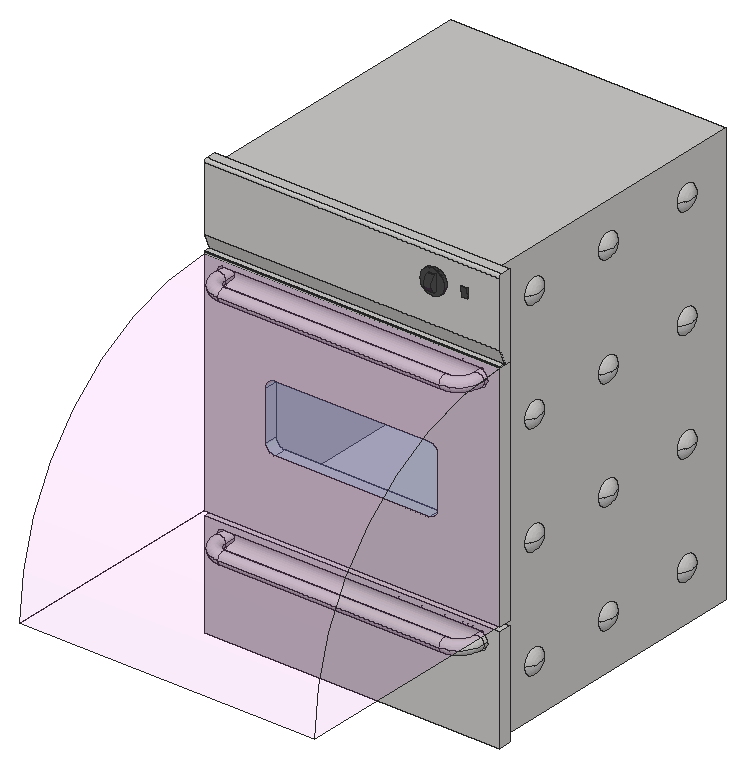
Revit family "QF_Summit_TEM788BKW_Oven", category Specialty Equipment, Revit 2020
Family settings
  Round Connector Dimension = Use Diameter
  Part Type = Normal
  Work Plane-Based = No
  Always vertical = Yes
  Cut with Voids When Loaded = No
  Shared = No
  Room Calculation Point = No
Parameters
  Weight in Pounds = 170
  Watts = if(Phase = 3, Volts * FL Amps * 1.73, Volts * FL Amps)  # 8800 W
  Volts = 220 V
  URL Cutsheet = ""
  Specification by User = ""
  Specification by Manufacturer = ""
  Show Clearance [instance] = yes
  Serial Number = ""
  Seismic Rating = ""
  SMACNA No = ""
  Revision Code = ""
  Phase = 1
  Number of Poles = 1
  NAFEM Spec ID Number = ""
  Model = "TEM788BKW"
  Min Ckt Ampacity = 0 A
  Max Overcurrent Protection = 0 A
  Masterspec = ""
  Manufacturer = "Summit"
  Length = 24"
  Item Number = ""
  Installed By = ""
  Identify Quantity as Lot = yes
  Height = 34 1/2"
  HP = ""
  Furnished By = ""
  Foodservice Equipment Identifier = yes
  FL Amps = 40 A
  Electrical Remarks = ""
  Electric Connection Type = ""
  Elec Conn RI Height = 0"
  Elec Conn Connection Height = 0"
  Description = "Oven"
  Depth = 24"
  Default Elevation = 0"
  Cycle = 60 Hz
  Conn Plug = ""
  Conn Conduit = yes
  CSI MasterFormat = ""
  Apparent Power = if(Phase = 3, Volts * FL Amps * 1.73, Volts * FL Amps)  # 8800 VA
Reference planes (in)
  plane 1 "BACK": y = 0
  plane 2: z = 0
  plane 3 "LEFT": x = 0
  plane 4 "RIGHT": x = 24
  plane 5 "FRONT": y = -24
  plane 6 "TOP": z = 34.875
  plane 7 "Center Y": x = 12
  plane 8 "Center X": y = -12
  plane 9: y = -23
  plane 10: y = -26.375
  plane 11: z = 27.75
  plane 12: z = 8.5
  plane 13: z = 8.875
  plane 14: y = -42.75
  plane 15: z = 34.5
Forms (in)
  Extrusion 1, solid, material "QF_Metal_Stainless_Polished"
    sketch origin (0, 0, 0) x (1, 0, 0) y (0, 1, 0)
      loop
        line (0.8125, 0) -> (0.8125, -23) -> (23.1875, -23) -> (23.1875, 0) -> (0.8125, 0)
    from 0 to 34.375
  Extrusion 2, solid, material "QF_Metal_Stainless_Polished"
    sketch origin (0, -24, 0.125) x (1, 0, 0) y (0, 0, 1)
      loop
        line (0, 8.375) -> (0, -0.125) -> (24, -0.125) -> (24, 8.375) -> (0, 8.375)
      loop
        line (0, 8.75) -> (24, 8.75) -> (24, 27.625) -> (0, 27.625) -> (0, 8.75)
    from 0 to -1
  Extrusion 3, solid, material "QF_Metal_Stainless_Polished"
    sketch origin (0, 0, 0) x (0, 1, 0) y (0, 0, 1)
      loop
        line (-23, 34.5) -> (-23.75, 34.5)
        arc (-23.75, 34.5) -> (-23.92678, 34.42678) -> (-24, 34.25) r 0.25
        line (-24, 34.25) -> (-24, 29) -> (-23.5, 27.79419) -> (-24, 27.79419) -> (-24, 27.75) -> (-23, 27.75) -> (-23, 34.5)
    from 0 to 24
  Revolve 4, void
    sketch origin (0, -0.05469, 26.49744) x (1, 0, 0) y (0, 1, 0)
      loop
        line (1, -24.15625) -> (23, -24.15625) -> (23, -24.00262)
        arc (23, -24.00262) -> (22.82068, -23.56969) -> (22.38775, -23.39037) r 0.61225
        line (22.38775, -23.39037) -> (1.61225, -23.39037)
        arc (1.61225, -23.39037) -> (1.17932, -23.56969) -> (1, -24.00262) r 0.61225
        line (1, -24.00262) -> (1, -24.15625)
      axis (23, -24.15625) -> (1, -24.15625)
    angle from -134.169 to 145.733
  Revolve 5, void
    sketch origin (0, -0.05469, 7.32557) x (1, 0, 0) y (0, 1, 0)
      loop
        line (1, -24.15625) -> (23, -24.15625) -> (23, -24.00262)
        arc (23, -24.00262) -> (22.82068, -23.56969) -> (22.38775, -23.39037) r 0.61225
        line (22.38775, -23.39037) -> (1.61225, -23.39037)
        arc (1.61225, -23.39037) -> (1.17932, -23.56969) -> (1, -24.00262) r 0.61225
        line (1, -24.00262) -> (1, -24.15625)
      axis (23, -24.15625) -> (1, -24.15625)
    angle from -134.169 to 145.733
  Sweep 6, solid, material "QF_Metal_Stainless_Polished"
    path origin (0, 0, 0) x (1, 0, 0) y (0, 1, 0)
      loop
        line (1, -23.5) -> (1, -24.375)
        arc (1, -24.375) -> (1.58579, -25.78921) -> (3, -26.375) r 2
        line (3, -26.375) -> (21, -26.375)
        arc (21, -26.375) -> (22.41421, -25.78921) -> (23, -24.375) r 2
        line (23, -24.375) -> (23, -23.5)
    profile origin (12, -26.375, 0) x (0, 1, 0) y (0, 0, 1)
      loop
        circle (0.5, 26.5) r 0.5
  Sweep 7, solid, material "QF_Metal_Stainless_Polished"
    path origin (0, 0, -19.17187) x (1, 0, 0) y (0, 1, 0)
      loop
        line (1, -23.5) -> (1, -24.375)
        arc (1, -24.375) -> (1.58579, -25.78921) -> (3, -26.375) r 2
        line (3, -26.375) -> (21, -26.375)
        arc (21, -26.375) -> (22.41421, -25.78921) -> (23, -24.375) r 2
        line (23, -24.375) -> (23, -23.5)
    profile origin (12, -26.375, -19.17187) x (0, 1, 0) y (0, 0, 1)
      loop
        circle (0.5, 26.5) r 0.5
  Extrusion 8, solid, material "QF_Plastic_Black_Smooth"
    sketch origin (20.91227, -24, 32.63936) x (0, 0, 1) y (0, -1, 0)
      loop
        line (0.01889, 0) -> (0.01889, 0.12728)
        arc (0.01889, 0.12728) -> (-0.37316, 0.09036) -> (-0.76681, 0.08017) r 5.78952
        line (-0.76681, 0.08017) -> (-0.76681, 0) -> (0.01889, 0)
    from 0.04547 to 0.54522
  Extrusion 9, solid, material "QF_Plastic_Black_Smooth"
    sketch origin (0, -24, 29) x (0, 0, 1) y (-1, 0, 0)
      loop
        circle (3.2654, -18.74618) r 1
    from 0 to 0.25
  Extrusion 10, solid, material "QF_Plastic_Black_Smooth"
    sketch origin (-0.04382, 0, 0) x (0, 1, 0) y (0, 0, 1)
      loop
        line (-24.25, 32.91606) -> (-24.40555, 32.91606)
        arc (-24.40555, 32.91606) -> (-24.75, 32.2654) -> (-24.40555, 31.61474) r 0.78677
        line (-24.40555, 31.61474) -> (-24.25, 31.61474) -> (-24.25, 32.91606)
    from 19.08378 to 18.49624
  Revolve 11, solid, material "QF_Metal_Stainless_Polished"
    sketch origin (0, 0, 4.125) x (1, 0, 0) y (0, 1, 0)
      loop
        line (23.1875, -4) -> (23.6875, -4)
        arc (23.6875, -4) -> (23.55162, -3.44294) -> (23.1875, -3) r 1.28845
        line (23.1875, -3) -> (23.1875, -4)
      axis (23.1875, -4) -> (23.6875, -4)
    angle from 0 to 360
  Revolve 12, solid, material "QF_Metal_Stainless_Polished"
    sketch origin (0, 0, 13.125) x (1, 0, 0) y (0, 1, 0)
      loop
        line (23.1875, -4) -> (23.6875, -4)
        arc (23.6875, -4) -> (23.55162, -3.44294) -> (23.1875, -3) r 1.28845
        line (23.1875, -3) -> (23.1875, -4)
      axis (23.1875, -4) -> (23.6875, -4)
    angle from 0 to 360
  Revolve 13, solid, material "QF_Metal_Stainless_Polished"
    sketch origin (0, 0, 22.125) x (1, 0, 0) y (0, 1, 0)
      loop
        line (23.1875, -4) -> (23.6875, -4)
        arc (23.6875, -4) -> (23.55162, -3.44294) -> (23.1875, -3) r 1.28845
        line (23.1875, -3) -> (23.1875, -4)
      axis (23.1875, -4) -> (23.6875, -4)
    angle from 0 to 360
  Revolve 14, solid, material "QF_Metal_Stainless_Polished"
    sketch origin (0, 0, 31.125) x (1, 0, 0) y (0, 1, 0)
      loop
        line (23.1875, -4) -> (23.6875, -4)
        arc (23.6875, -4) -> (23.55162, -3.44294) -> (23.1875, -3) r 1.28845
        line (23.1875, -3) -> (23.1875, -4)
      axis (23.1875, -4) -> (23.6875, -4)
    angle from 0 to 360
  Revolve 15, solid, material "QF_Metal_Stainless_Polished"
    sketch origin (0, -8, 31.125) x (1, 0, 0) y (0, 1, 0)
      loop
        line (23.1875, -4) -> (23.6875, -4)
        arc (23.6875, -4) -> (23.55162, -3.44294) -> (23.1875, -3) r 1.28845
        line (23.1875, -3) -> (23.1875, -4)
      axis (23.1875, -4) -> (23.6875, -4)
    angle from 0 to 360
  Revolve 16, solid, material "QF_Metal_Stainless_Polished"
    sketch origin (0, -15.5, 31.125) x (1, 0, 0) y (0, 1, 0)
      loop
        line (23.1875, -4) -> (23.6875, -4)
        arc (23.6875, -4) -> (23.55162, -3.44294) -> (23.1875, -3) r 1.28845
        line (23.1875, -3) -> (23.1875, -4)
      axis (23.1875, -4) -> (23.6875, -4)
    angle from 0 to 360
  Revolve 17, solid, material "QF_Metal_Stainless_Polished"
    sketch origin (0, -8, 4.125) x (1, 0, 0) y (0, 1, 0)
      loop
        line (23.1875, -4) -> (23.6875, -4)
        arc (23.6875, -4) -> (23.55162, -3.44294) -> (23.1875, -3) r 1.28845
        line (23.1875, -3) -> (23.1875, -4)
      axis (23.1875, -4) -> (23.6875, -4)
    angle from 0 to 360
  Revolve 18, solid, material "QF_Metal_Stainless_Polished"
    sketch origin (0, -8, 13.125) x (1, 0, 0) y (0, 1, 0)
      loop
        line (23.1875, -4) -> (23.6875, -4)
        arc (23.6875, -4) -> (23.55162, -3.44294) -> (23.1875, -3) r 1.28845
        line (23.1875, -3) -> (23.1875, -4)
      axis (23.1875, -4) -> (23.6875, -4)
    angle from 0 to 360
  Revolve 19, solid, material "QF_Metal_Stainless_Polished"
    sketch origin (0, -8, 22.125) x (1, 0, 0) y (0, 1, 0)
      loop
        line (23.1875, -4) -> (23.6875, -4)
        arc (23.6875, -4) -> (23.55162, -3.44294) -> (23.1875, -3) r 1.28845
        line (23.1875, -3) -> (23.1875, -4)
      axis (23.1875, -4) -> (23.6875, -4)
    angle from 0 to 360
  Revolve 20, solid, material "QF_Metal_Stainless_Polished"
    sketch origin (0, -15.5, 4.125) x (1, 0, 0) y (0, 1, 0)
      loop
        line (23.1875, -4) -> (23.6875, -4)
        arc (23.6875, -4) -> (23.55162, -3.44294) -> (23.1875, -3) r 1.28845
        line (23.1875, -3) -> (23.1875, -4)
      axis (23.1875, -4) -> (23.6875, -4)
    angle from 0 to 360
  Revolve 21, solid, material "QF_Metal_Stainless_Polished"
    sketch origin (0, -15.5, 13.125) x (1, 0, 0) y (0, 1, 0)
      loop
        line (23.1875, -4) -> (23.6875, -4)
        arc (23.6875, -4) -> (23.55162, -3.44294) -> (23.1875, -3) r 1.28845
        line (23.1875, -3) -> (23.1875, -4)
      axis (23.1875, -4) -> (23.6875, -4)
    angle from 0 to 360
  Revolve 22, solid, material "QF_Metal_Stainless_Polished"
    sketch origin (0, -15.5, 22.125) x (1, 0, 0) y (0, 1, 0)
      loop
        line (23.1875, -4) -> (23.6875, -4)
        arc (23.6875, -4) -> (23.55162, -3.44294) -> (23.1875, -3) r 1.28845
        line (23.1875, -3) -> (23.1875, -4)
      axis (23.1875, -4) -> (23.6875, -4)
    angle from 0 to 360
  Revolve 23, solid, material "QF_Metal_Stainless_Polished"
    sketch origin (24, 0, 4.125) x (-1, 0, 0) y (0, -1, 0)
      loop
        line (23.1875, 4) -> (23.1875, 3)
        arc (23.1875, 3) -> (23.55162, 3.44294) -> (23.6875, 4) r 1.28845
        line (23.6875, 4) -> (23.1875, 4)
      axis (23.1875, 4) -> (23.6875, 4)
    angle from 0 to 360
  Revolve 24, solid, material "QF_Metal_Stainless_Polished"
    sketch origin (24, 0, 13.125) x (-1, 0, 0) y (0, -1, 0)
      loop
        line (23.1875, 4) -> (23.1875, 3)
        arc (23.1875, 3) -> (23.55162, 3.44294) -> (23.6875, 4) r 1.28845
        line (23.6875, 4) -> (23.1875, 4)
      axis (23.1875, 4) -> (23.6875, 4)
    angle from 0 to 360
  Revolve 25, solid, material "QF_Metal_Stainless_Polished"
    sketch origin (24, 0, 22.125) x (-1, 0, 0) y (0, -1, 0)
      loop
        line (23.1875, 4) -> (23.1875, 3)
        arc (23.1875, 3) -> (23.55162, 3.44294) -> (23.6875, 4) r 1.28845
        line (23.6875, 4) -> (23.1875, 4)
      axis (23.1875, 4) -> (23.6875, 4)
    angle from 0 to 360
  Revolve 26, solid, material "QF_Metal_Stainless_Polished"
    sketch origin (24, 0, 31.125) x (-1, 0, 0) y (0, -1, 0)
      loop
        line (23.1875, 4) -> (23.1875, 3)
        arc (23.1875, 3) -> (23.55162, 3.44294) -> (23.6875, 4) r 1.28845
        line (23.6875, 4) -> (23.1875, 4)
      axis (23.1875, 4) -> (23.6875, 4)
    angle from 0 to 360
  Revolve 27, solid, material "QF_Metal_Stainless_Polished"
    sketch origin (24, -8, 31.125) x (-1, 0, 0) y (0, -1, 0)
      loop
        line (23.1875, 4) -> (23.1875, 3)
        arc (23.1875, 3) -> (23.55162, 3.44294) -> (23.6875, 4) r 1.28845
        line (23.6875, 4) -> (23.1875, 4)
      axis (23.1875, 4) -> (23.6875, 4)
    angle from 0 to 360
  Revolve 28, solid, material "QF_Metal_Stainless_Polished"
    sketch origin (24, -15.5, 31.125) x (-1, 0, 0) y (0, -1, 0)
      loop
        line (23.1875, 4) -> (23.1875, 3)
        arc (23.1875, 3) -> (23.55162, 3.44294) -> (23.6875, 4) r 1.28845
        line (23.6875, 4) -> (23.1875, 4)
      axis (23.1875, 4) -> (23.6875, 4)
    angle from 0 to 360
  Revolve 29, solid, material "QF_Metal_Stainless_Polished"
    sketch origin (24, -8, 4.125) x (-1, 0, 0) y (0, -1, 0)
      loop
        line (23.1875, 4) -> (23.1875, 3)
        arc (23.1875, 3) -> (23.55162, 3.44294) -> (23.6875, 4) r 1.28845
        line (23.6875, 4) -> (23.1875, 4)
      axis (23.1875, 4) -> (23.6875, 4)
    angle from 0 to 360
  Revolve 30, solid, material "QF_Metal_Stainless_Polished"
    sketch origin (24, -8, 13.125) x (-1, 0, 0) y (0, -1, 0)
      loop
        line (23.1875, 4) -> (23.1875, 3)
        arc (23.1875, 3) -> (23.55162, 3.44294) -> (23.6875, 4) r 1.28845
        line (23.6875, 4) -> (23.1875, 4)
      axis (23.1875, 4) -> (23.6875, 4)
    angle from 0 to 360
  Revolve 31, solid, material "QF_Metal_Stainless_Polished"
    sketch origin (24, -8, 22.125) x (-1, 0, 0) y (0, -1, 0)
      loop
        line (23.1875, 4) -> (23.1875, 3)
        arc (23.1875, 3) -> (23.55162, 3.44294) -> (23.6875, 4) r 1.28845
        line (23.6875, 4) -> (23.1875, 4)
      axis (23.1875, 4) -> (23.6875, 4)
    angle from 0 to 360
  Revolve 32, solid, material "QF_Metal_Stainless_Polished"
    sketch origin (24, -15.5, 4.125) x (-1, 0, 0) y (0, -1, 0)
      loop
        line (23.1875, 4) -> (23.1875, 3)
        arc (23.1875, 3) -> (23.55162, 3.44294) -> (23.6875, 4) r 1.28845
        line (23.6875, 4) -> (23.1875, 4)
      axis (23.1875, 4) -> (23.6875, 4)
    angle from 0 to 360
  Revolve 33, solid, material "QF_Metal_Stainless_Polished"
    sketch origin (24, -15.5, 13.125) x (-1, 0, 0) y (0, -1, 0)
      loop
        line (23.1875, 4) -> (23.1875, 3)
        arc (23.1875, 3) -> (23.55162, 3.44294) -> (23.6875, 4) r 1.28845
        line (23.6875, 4) -> (23.1875, 4)
      axis (23.1875, 4) -> (23.6875, 4)
    angle from 0 to 360
  Revolve 34, solid, material "QF_Metal_Stainless_Polished"
    sketch origin (24, -15.5, 22.125) x (-1, 0, 0) y (0, -1, 0)
      loop
        line (23.1875, 4) -> (23.1875, 3)
        arc (23.1875, 3) -> (23.55162, 3.44294) -> (23.6875, 4) r 1.28845
        line (23.6875, 4) -> (23.1875, 4)
      axis (23.1875, 4) -> (23.6875, 4)
    angle from 0 to 360
  Extrusion 35, solid, material "QF_Metal_Stainless_Polished"
    sketch origin (0.8125, 0, 0) x (1, 0, 0) y (0, 0, -1)
      loop
        circle (11.1875, -33.47209) r 0.25
    from 0 to 0.0625
  Extrusion 36, void
    sketch origin (0, -24, 0.125) x (1, 0, 0) y (0, 0, 1)
      loop
        arc (5.75, 20.25) -> (5.21967, 20.03033) -> (5, 19.5) r 0.75
        line (5, 19.5) -> (5, 15.5)
        arc (5, 15.5) -> (5.21967, 14.96967) -> (5.75, 14.75) r 0.75
        line (5.75, 14.75) -> (18.25, 14.75)
        arc (18.25, 14.75) -> (18.78033, 14.96967) -> (19, 15.5) r 0.75
        line (19, 15.5) -> (19, 19.5)
        arc (19, 19.5) -> (18.78033, 20.03033) -> (18.25, 20.25) r 0.75
        line (18.25, 20.25) -> (5.75, 20.25)
    from 0.5311 to -1
  Extrusion 37, solid, material "Glass"
    sketch origin (0, -24, 0.125) x (1, 0, 0) y (0, 0, 1)
      loop
        arc (5, 15.5) -> (5.21967, 14.96967) -> (5.75, 14.75) r 0.75
        line (5.75, 14.75) -> (18.25, 14.75)
        arc (18.25, 14.75) -> (18.78033, 14.96967) -> (19, 15.5) r 0.75
        line (19, 15.5) -> (19, 19.5)
        arc (19, 19.5) -> (18.78033, 20.03033) -> (18.25, 20.25) r 0.75
        line (18.25, 20.25) -> (5.75, 20.25)
        arc (5.75, 20.25) -> (5.21967, 20.03033) -> (5, 19.5) r 0.75
        line (5, 19.5) -> (5, 15.5)
    from 0 to -1
  Extrusion 38, void
    sketch origin (0, 0, 0) x (1, 0, 0) y (0, 1, 0)
      loop
        line (2, -24.83785) -> (22, -24.83785) -> (22, -5) -> (2, -5) -> (2, -24.83785)
    from 8.875 to 27
  Extrusion 39, solid, material "QF_Clearances_Door_Drawer", visible <- "Show Clearance"
    sketch origin (0, 0, 0) x (0, 1, 0) y (0, 0, 1)
      loop
        line (-42.75, 8.875) -> (-24, 8.875) -> (-24, 27.625)
        arc (-24, 27.625) -> (-37.25825, 22.13325) -> (-42.75, 8.875) r 18.75
    from 0 to 24
Cuts and joins
  Revolve 4, Revolve 5, Extrusion 36 cuts Extrusion 2
  Extrusion 38 cuts Extrusion 1
Lines and regions (in)
  Split face 1
    outline origin (0, -24, 29) x (0, 0, 1) y (-1, 0, 0)
      loop
        arc (4.875, -1.25) -> (4.72855, -0.89645) -> (4.375, -0.75) r 0.5
        line (4.375, -0.75) -> (2.29419, -0.75)
        arc (2.29419, -0.75) -> (1.94064, -0.89645) -> (1.79419, -1.25) r 0.5
        line (1.79419, -1.25) -> (1.79419, -9)
        arc (1.79419, -9) -> (1.94064, -9.35355) -> (2.29419, -9.5) r 0.5
        line (2.29419, -9.5) -> (4.375, -9.5)
        arc (4.375, -9.5) -> (4.72855, -9.35355) -> (4.875, -9) r 0.5
        line (4.875, -9) -> (4.875, -1.25)
  Split face 2
    outline origin (0, -24, 29) x (0, 0, 1) y (-1, 0, 0)
      loop
        line (4.8125, -9) -> (4.8125, -1.25)
        arc (4.8125, -1.25) -> (4.68436, -0.94064) -> (4.375, -0.8125) r 0.4375
        line (4.375, -0.8125) -> (2.29419, -0.8125)
        arc (2.29419, -0.8125) -> (1.98483, -0.94064) -> (1.85669, -1.25) r 0.4375
        line (1.85669, -1.25) -> (1.85669, -9)
        arc (1.85669, -9) -> (1.98483, -9.30936) -> (2.29419, -9.4375) r 0.4375
        line (2.29419, -9.4375) -> (4.375, -9.4375)
        arc (4.375, -9.4375) -> (4.68436, -9.30936) -> (4.8125, -9) r 0.4375
  Split face 3
    outline origin (0, -24, 29) x (0, 0, 1) y (-1, 0, 0)
      loop
        arc (4.875, -10.54922) -> (4.72855, -10.19566) -> (4.375, -10.04922) r 0.5
        line (4.375, -10.04922) -> (2.29419, -10.04922)
        arc (2.29419, -10.04922) -> (1.94064, -10.19566) -> (1.79419, -10.54922) r 0.5
        line (1.79419, -10.54922) -> (1.79419, -22.6875)
        arc (1.79419, -22.6875) -> (1.94064, -23.04105) -> (2.29419, -23.1875) r 0.5
        line (2.29419, -23.1875) -> (4.375, -23.1875)
        arc (4.375, -23.1875) -> (4.72855, -23.04105) -> (4.875, -22.6875) r 0.5
        line (4.875, -22.6875) -> (4.875, -10.54922)
  Split face 4
    outline origin (0, -24, 29) x (0, 0, 1) y (-1, 0, 0)
      loop
        line (4.8125, -22.6875) -> (4.8125, -10.54922)
        arc (4.8125, -10.54922) -> (4.68436, -10.23986) -> (4.375, -10.11172) r 0.4375
        line (4.375, -10.11172) -> (2.29419, -10.11172)
        arc (2.29419, -10.11172) -> (1.98483, -10.23986) -> (1.85669, -10.54922) r 0.4375
        line (1.85669, -10.54922) -> (1.85669, -22.6875)
        arc (1.85669, -22.6875) -> (1.98483, -22.99686) -> (2.29419, -23.125) r 0.4375
        line (2.29419, -23.125) -> (4.375, -23.125)
        arc (4.375, -23.125) -> (4.68436, -22.99686) -> (4.8125, -22.6875) r 0.4375
  Split face 5
    outline origin (0, -24, 29) x (0, 0, 1) y (-1, 0, 0)
      loop
        line (3.66458, -3.76604) -> (2.91458, -3.76604) -> (2.91458, -6.76604) -> (3.66458, -6.76604) -> (3.66458, -3.76604)
  Split face 6
    outline origin (0, -24, 29) x (0, 0, 1) y (-1, 0, 0)
      loop
        line (3.85208, -7.22208) -> (3.35208, -7.22208) -> (3.35208, -7.97208) -> (3.85208, -7.97208) -> (3.85208, -7.22208)
  Split face 7
    outline origin (0, -24, 29) x (0, 0, 1) y (-1, 0, 0)
      loop
        line (2.72708, -7.97208) -> (3.22708, -7.97208) -> (3.22708, -7.22208) -> (2.72708, -7.22208) -> (2.72708, -7.97208)
  Split face 8
    outline origin (0, -24, 29) x (0, 0, 1) y (-1, 0, 0)
      loop
        line (3.85208, -3.31) -> (3.85208, -2.56) -> (3.35208, -2.56) -> (3.35208, -3.31) -> (3.85208, -3.31)
  Split face 9
    outline origin (0, -24, 29) x (0, 0, 1) y (-1, 0, 0)
      loop
        line (3.22708, -2.56) -> (2.72708, -2.56) -> (2.72708, -3.31) -> (3.22708, -3.31) -> (3.22708, -2.56)
  Split face 10
    outline origin (0, -24, 29) x (0, 0, 1) y (-1, 0, 0)
      loop
        line (3.78958, -7.90958) -> (3.78958, -7.28458) -> (3.41458, -7.28458) -> (3.41458, -7.90958) -> (3.78958, -7.90958)
  Split face 11
    outline origin (0, -24, 29) x (0, 0, 1) y (-1, 0, 0)
      loop
        line (2.78958, -7.90958) -> (3.16458, -7.90958) -> (3.16458, -7.28458) -> (2.78958, -7.28458) -> (2.78958, -7.90958)
  Split face 12
    outline origin (0, -24, 29) x (0, 0, 1) y (-1, 0, 0)
      loop
        line (3.78958, -3.2475) -> (3.78958, -2.6225) -> (3.41458, -2.6225) -> (3.41458, -3.2475) -> (3.78958, -3.2475)
  Split face 13
    outline origin (0, -24, 29) x (0, 0, 1) y (-1, 0, 0)
      loop
        line (3.16458, -3.2475) -> (3.16458, -2.6225) -> (2.78958, -2.6225) -> (2.78958, -3.2475) -> (3.16458, -3.2475)
  Split face 14
    outline origin (0, -24, 29) x (0, 0, 1) y (-1, 0, 0)
      loop
        line (2.81005, -20.89524) -> (2.81005, -21.51999) -> (3.72075, -21.51999) -> (3.72075, -20.89524) -> (2.81005, -20.89524)
  Split face 15
    outline origin (0, -24, 29) x (0, 0, 1) y (-1, 0, 0)
      loop
        circle (3.35208, -16.21465) r 0.25
  Split face 16
    outline origin (0, -24, 29) x (0, 0, 1) y (-1, 0, 0)
      loop
        line (3.91458, -2.4975) -> (2.66458, -2.4975) -> (2.66458, -8.03458) -> (3.91458, -8.03458) -> (3.91458, -2.4975)
  symbolic lines
    curve 1: line (0, -24, 27) -> (0, -24, 26)
    curve 2: line (0.8125, 0, 0) -> (23.1875, 0, 0)
    curve 3: line (0.8125, -23, 0) -> (0.8125, 0, 0)
    curve 4: line (24, -23, 0) -> (0, -23, 0)
    curve 5: line (23.1875, 0, 0) -> (23.1875, -23, 0)
    curve 6: line (0, -23, 0) -> (0, -24, 0)
    curve 7: line (0, -24, 0) -> (24, -24, 0)
    curve 8: line (24, -24, 0) -> (24, -23, 0)
    curve 9: line (20.95774, -24, 0) -> (20.95774, -24.12728, 0)
    curve 10: line (20.95774, -24.12728, 0) -> (21.45749, -24.12728, 0)
    curve 11: line (21.45749, -24.12728, 0) -> (21.45749, -24, 0)
    curve 12: line (19.74618, -24.25, 0) -> (17.74618, -24.25, 0)
    curve 13: line (17.74618, -24.25, 0) -> (17.74618, -24, 0)
    curve 14: line (19.74618, -24.25, 0) -> (19.74618, -24, 0)
    curve 15: line (18.45241, -24.25, 0) -> (18.45241, -24.75, 0)
    curve 16: line (18.45241, -24.75, 0) -> (19.03995, -24.75, 0)
    curve 17: line (19.03995, -24.75, 0) -> (19.03995, -24.25, 0)
    curve 18: line (2.99288, -26.375, 0) -> (21.00712, -26.375, 0)
    curve 19: line (1, -24, 0) -> (1, -24.38212, 0)
    curve 20: arc (1, -24.38212, 0) -> (1.5837, -25.7913, 0) -> (2.99288, -26.375, 0) r 1.99288
    curve 21: line (2, -24, 0) -> (2, -24.375, 0)
    curve 22: line (3, -25.375, 0) -> (21, -25.375, 0)
    curve 23: arc (2, -24.375, 0) -> (2.29289, -25.0821, 0) -> (3, -25.375, 0) r 1
    curve 24: line (23, -24, 0) -> (23, -24.38212, 0)
    curve 25: arc (23, -24.38212, 0) -> (22.4163, -25.7913, 0) -> (21.00712, -26.375, 0) r 1.99288
    curve 26: line (22, -24, 0) -> (22, -24.375, 0)
    curve 27: arc (22, -24.375, 0) -> (21.70711, -25.0821, 0) -> (21, -25.375, 0) r 1
    curve 28: arc (23.1875, -3.00968, 0) -> (23.69024, -4.00968, 0) -> (23.1875, -5.00968, 0) r 1.24593
    curve 29: arc (23.1875, -11, 0) -> (23.69024, -12, 0) -> (23.1875, -13, 0) r 1.24593
    curve 30: arc (23.1875, -18.5, 0) -> (23.69024, -19.5, 0) -> (23.1875, -20.5, 0) r 1.24593
    curve 31: arc (0.8125, -3.00968, 0) -> (0.30976, -4.00968, 0) -> (0.8125, -5.00968, 0) r 1.24593
    curve 32: arc (0.8125, -11, 0) -> (0.30976, -12, 0) -> (0.8125, -13, 0) r 1.24593
    curve 33: arc (0.8125, -18.5, 0) -> (0.30976, -19.5, 0) -> (0.8125, -20.5, 0) r 1.24593
  symbolic lines, style "QF_Clearances_Door_Drawer", visible <- "Show Clearance"
    curve 34: line (0, -24, 0) -> (0, -42.75, 0)
    curve 35: line (0, -42.75, 0) -> (24, -42.75, 0)
    curve 36: line (24, -42.75, 0) -> (24, -24, 0)
Dimensions and locks (in)
  equal spacing: plane 3 "LEFT", plane 7 "Center Y", plane 4 "RIGHT"
  "Length": plane 3 "LEFT" to plane 4 "RIGHT"
  equal spacing: plane 5 "FRONT", plane 8 "Center X", plane 1 "BACK"
  "Depth": plane 5 "FRONT" to plane 1 "BACK"
  plane 6 "TOP" to level = 34 7/8"
  plane 9 to plane 1 "BACK" = 23"
  plane 10 to plane 5 "FRONT" = 2 3/8"
  plane 11 to level = 27 3/4"
  plane 12 to level = 8 1/2"
  plane 11 to plane 13 = 18 7/8"
  plane 14 to plane 1 "BACK" = 42 3/4"
  "Height": plane 15 to plane 2
  aligned and locked: level to plane 2
Automatic sketch dimensions
  curve 1 to plane 5 "FRONT" = 0"
  curve 1 to plane 11 = 1 3/4"
  curve 1 to plane 11 = 3/4"
  Extrusion 1 sketch curve to plane 9 = 0"
  plane 1 "BACK" to Extrusion 1 sketch curve = 0"
  plane 4 "RIGHT" to Extrusion 1 sketch curve = 13/16"
  Extrusion 2 sketch curve to plane 3 "LEFT" = 0"  (x2)
  plane 4 "RIGHT" to Extrusion 2 sketch curve = 0"  (x2)
  Extrusion 2 sketch curve to level = 0"
  Extrusion 2 sketch curve to plane 12 = 0"
  Extrusion 2 sketch curve to plane 13 = 0"
  Extrusion 2 sketch curve to plane 11 = 0"
  plane 5 "FRONT" to Revolve 4 sketch curve = 0.0573"
  plane 4 "RIGHT" to Revolve 4 sketch curve = 1.61225"
  Revolve 4 sketch curve to Revolve 4 sketch curve = 0.61225"  (x2)
  Revolve 4 sketch curve to Revolve 4 sketch curve = 0.15363"
  plane 5 "FRONT" to Revolve 4 sketch curve = 27/128"
  Revolve 4 sketch curve to plane 3 "LEFT" = 1 1/4"
  plane 5 "FRONT" to Revolve 5 sketch curve = 0.0573"
  plane 4 "RIGHT" to Revolve 5 sketch curve = 1.61225"
  Revolve 5 sketch curve to Revolve 5 sketch curve = 0.61225"  (x2)
  Revolve 5 sketch curve to Revolve 5 sketch curve = 0.15363"
  plane 5 "FRONT" to Revolve 5 sketch curve = 27/128"
  Revolve 5 sketch curve to plane 3 "LEFT" = 1 1/4"
  Sweep 6 sketch curve to plane 10 = 0"
  plane 5 "FRONT" to Sweep 6 sketch curve = 3/8"  (x2)
  plane 4 "RIGHT" to Sweep 6 sketch curve = 3"
  Sweep 6 sketch curve to plane 5 "FRONT" = 1/2"  (x2)
  Sweep 6 sketch curve to profile plane = 1/2"
  level to Sweep 6 sketch curve = 26 1/2"
  Sweep 7 sketch curve to plane 10 = 0"
  plane 5 "FRONT" to Sweep 7 sketch curve = 3/8"  (x2)
  plane 4 "RIGHT" to Sweep 7 sketch curve = 3"
  Sweep 7 sketch curve to plane 5 "FRONT" = 1/2"  (x2)
  Sweep 7 sketch curve to profile plane = 1/2"
  profile plane to Sweep 7 sketch curve = 26 1/2"
  Split face 1 sketch curve to Extrusion 3 = 1.79419"
  Split face 1 sketch curve to Split face 1 sketch curve = 1/2"  (x3)
  Split face 1 sketch curve to Extrusion 3 = 9 1/2"
  Split face 1 sketch curve to Extrusion 3 = 1 1/4"
  Split face 2 sketch curve to Extrusion 3 = 1.85669"
  Split face 2 sketch curve to Split face 2 sketch curve = 7/16"  (x3)
  Split face 2 sketch curve to Extrusion 3 = 9 7/16"
  Split face 2 sketch curve to Extrusion 3 = 1 1/4"
  Split face 3 sketch curve to Extrusion 3 = 1.79419"
  Split face 3 sketch curve to Split face 3 sketch curve = 1/2"  (x3)
  Split face 3 sketch curve to Extrusion 3 = 13/16"
  Split face 3 sketch curve to Extrusion 3 = 10.54922"
  Split face 4 sketch curve to Extrusion 3 = 1.85669"
  Split face 4 sketch curve to Split face 4 sketch curve = 7/16"  (x3)
  Split face 4 sketch curve to Extrusion 3 = 7/8"  (x3)
  Split face 4 sketch curve to Extrusion 3 = 10.54922"
  Split face 5 sketch curve to Split face 5 sketch curve = 3/4"
  Split face 5 sketch curve to Extrusion 3 = 6.76604"
  Split face 5 sketch curve to Split face 5 sketch curve = 3"
  Split face 6 sketch curve to Split face 6 sketch curve = 1/2"
  Split face 6 sketch curve to Extrusion 3 = 7.97208"
  Split face 6 sketch curve to Split face 6 sketch curve = 3/4"
  Split face 7 sketch curve to Extrusion 3 = 2.72708"
  Split face 7 sketch curve to Split face 7 sketch curve = 1/2"
  Split face 7 sketch curve to Extrusion 3 = 7.97208"
  Split face 7 sketch curve to Split face 7 sketch curve = 3/4"
  Split face 8 sketch curve to Split face 8 sketch curve = 1/2"
  Split face 8 sketch curve to Extrusion 3 = 3.31"
  Split face 8 sketch curve to Split face 8 sketch curve = 3/4"
  Split face 9 sketch curve to Extrusion 3 = 2.72708"
  Split face 9 sketch curve to Split face 9 sketch curve = 1/2"
  Split face 9 sketch curve to Extrusion 3 = 3.31"
  Split face 9 sketch curve to Split face 9 sketch curve = 3/4"
  Split face 10 sketch curve to Split face 10 sketch curve = 3/8"
  Split face 10 sketch curve to Extrusion 3 = 7.90958"
  Split face 10 sketch curve to Split face 10 sketch curve = 5/8"
  Split face 11 sketch curve to Extrusion 3 = 2.78958"
  Split face 11 sketch curve to Split face 11 sketch curve = 3/8"
  Split face 11 sketch curve to Extrusion 3 = 7.90958"
  Split face 11 sketch curve to Split face 11 sketch curve = 5/8"
  Split face 12 sketch curve to Split face 12 sketch curve = 3/8"
  Split face 12 sketch curve to Extrusion 3 = 3.2475"
  Split face 12 sketch curve to Split face 12 sketch curve = 5/8"
  Split face 13 sketch curve to Extrusion 3 = 2.78958"
  Split face 13 sketch curve to Split face 13 sketch curve = 3/8"
  Split face 13 sketch curve to Extrusion 3 = 3.2475"
  Split face 13 sketch curve to Split face 13 sketch curve = 5/8"
  Extrusion 8 sketch curve to plane 5 "FRONT" = 0"
  Extrusion 8 sketch curve to Extrusion 8 sketch curve = 0.7857"
  plane 5 "FRONT" to Extrusion 8 sketch curve = 0.08017"
  Extrusion 8 sketch curve to Extrusion 8 sketch curve = 0.12728"
  Split face 14 sketch curve to Extrusion 3 = 2.81005"
  Split face 14 sketch curve to Split face 14 sketch curve = 0.9107"
  Split face 14 sketch curve to Extrusion 3 = 2.48001"
  Split face 14 sketch curve to Split face 14 sketch curve = 0.62475"
  Extrusion 3 to Extrusion 9 sketch curve = 5.25382"
  plane 5 "FRONT" to Extrusion 10 sketch curve = 0.40555"  (x2)
  Extrusion 10 sketch curve to Extrusion 10 sketch curve = 0.15555"
  Extrusion 10 sketch curve to plane 5 "FRONT" = 0.03677"
  Extrusion 10 sketch curve to Extrusion 10 sketch curve = 0.65066"
  Split face 15 sketch curve to Extrusion 3 = 7.78535"
  plane 4 "RIGHT" to Revolve 11 sketch curve = 1.60081"
  Revolve 11 sketch curve to Revolve 11 sketch curve = 0.78831"
  plane 4 "RIGHT" to Revolve 11 sketch curve = 5/16"
  plane 1 "BACK" to Revolve 11 sketch curve = 4.01915"
  Revolve 11 sketch curve to Revolve 11 sketch curve = 0.01915"
  Revolve 11 sketch curve to Revolve 11 sketch curve = 0"  (x2)
  Revolve 11 sketch curve to plane 4 "RIGHT" = 1 11/16"
  plane 4 "RIGHT" to Revolve 12 sketch curve = 1.60081"
  Revolve 12 sketch curve to Revolve 12 sketch curve = 0.78831"
  plane 4 "RIGHT" to Revolve 12 sketch curve = 5/16"
  plane 1 "BACK" to Revolve 12 sketch curve = 4.01915"
  Revolve 12 sketch curve to Revolve 12 sketch curve = 0.01915"
  Revolve 12 sketch curve to Revolve 12 sketch curve = 0"  (x2)
  Revolve 12 sketch curve to plane 4 "RIGHT" = 1 11/16"
  plane 4 "RIGHT" to Revolve 13 sketch curve = 1.60081"
  Revolve 13 sketch curve to Revolve 13 sketch curve = 0.78831"
  plane 4 "RIGHT" to Revolve 13 sketch curve = 5/16"
  plane 1 "BACK" to Revolve 13 sketch curve = 4.01915"
  Revolve 13 sketch curve to Revolve 13 sketch curve = 0.01915"
  Revolve 13 sketch curve to Revolve 13 sketch curve = 0"  (x2)
  Revolve 13 sketch curve to plane 4 "RIGHT" = 1 11/16"
  plane 4 "RIGHT" to Revolve 14 sketch curve = 1.60081"
  Revolve 14 sketch curve to Revolve 14 sketch curve = 0.78831"
  plane 4 "RIGHT" to Revolve 14 sketch curve = 5/16"
  plane 1 "BACK" to Revolve 14 sketch curve = 4.01915"
  Revolve 14 sketch curve to Revolve 14 sketch curve = 0.01915"
  Revolve 14 sketch curve to Revolve 14 sketch curve = 0"  (x2)
  Revolve 14 sketch curve to plane 4 "RIGHT" = 1 11/16"
  Revolve 15 sketch curve to plane 8 "Center X" = 0"  (x2)
  Revolve 15 sketch curve to plane 8 "Center X" = 0.01915"
  plane 4 "RIGHT" to Revolve 15 sketch curve = 1.60081"
  Revolve 15 sketch curve to Revolve 15 sketch curve = 0.78831"
  plane 4 "RIGHT" to Revolve 15 sketch curve = 5/16"
  Revolve 15 sketch curve to Revolve 15 sketch curve = 0"
  Revolve 15 sketch curve to plane 4 "RIGHT" = 1 11/16"
  plane 4 "RIGHT" to Revolve 16 sketch curve = 1.60081"
  Revolve 16 sketch curve to Revolve 16 sketch curve = 0.78831"
  plane 4 "RIGHT" to Revolve 16 sketch curve = 5/16"
  plane 9 to Revolve 16 sketch curve = 3.48085"
  Revolve 16 sketch curve to Revolve 16 sketch curve = 0.01915"
  Revolve 16 sketch curve to Revolve 16 sketch curve = 0"  (x2)
  Revolve 16 sketch curve to plane 4 "RIGHT" = 1 11/16"
  Revolve 17 sketch curve to plane 8 "Center X" = 0"  (x2)
  Revolve 17 sketch curve to plane 8 "Center X" = 0.01915"
  plane 4 "RIGHT" to Revolve 17 sketch curve = 1.60081"
  Revolve 17 sketch curve to Revolve 17 sketch curve = 0.78831"
  plane 4 "RIGHT" to Revolve 17 sketch curve = 5/16"
  Revolve 17 sketch curve to Revolve 17 sketch curve = 0"
  Revolve 17 sketch curve to plane 4 "RIGHT" = 1 11/16"
  Revolve 18 sketch curve to plane 8 "Center X" = 0"  (x2)
  Revolve 18 sketch curve to plane 8 "Center X" = 0.01915"
  plane 4 "RIGHT" to Revolve 18 sketch curve = 1.60081"
  Revolve 18 sketch curve to Revolve 18 sketch curve = 0.78831"
  plane 4 "RIGHT" to Revolve 18 sketch curve = 5/16"
  Revolve 18 sketch curve to Revolve 18 sketch curve = 0"
  Revolve 18 sketch curve to plane 4 "RIGHT" = 1 11/16"
  Revolve 19 sketch curve to plane 8 "Center X" = 0"  (x2)
  Revolve 19 sketch curve to plane 8 "Center X" = 0.01915"
  plane 4 "RIGHT" to Revolve 19 sketch curve = 1.60081"
  Revolve 19 sketch curve to Revolve 19 sketch curve = 0.78831"
  plane 4 "RIGHT" to Revolve 19 sketch curve = 5/16"
  Revolve 19 sketch curve to Revolve 19 sketch curve = 0"
  Revolve 19 sketch curve to plane 4 "RIGHT" = 1 11/16"
  plane 4 "RIGHT" to Revolve 20 sketch curve = 1.60081"
  Revolve 20 sketch curve to Revolve 20 sketch curve = 0.78831"
  plane 4 "RIGHT" to Revolve 20 sketch curve = 5/16"
  plane 9 to Revolve 20 sketch curve = 3.48085"
  Revolve 20 sketch curve to Revolve 20 sketch curve = 0.01915"
  Revolve 20 sketch curve to Revolve 20 sketch curve = 0"  (x2)
  Revolve 20 sketch curve to plane 4 "RIGHT" = 1 11/16"
  plane 4 "RIGHT" to Revolve 21 sketch curve = 1.60081"
  Revolve 21 sketch curve to Revolve 21 sketch curve = 0.78831"
  plane 4 "RIGHT" to Revolve 21 sketch curve = 5/16"
  plane 9 to Revolve 21 sketch curve = 3.48085"
  Revolve 21 sketch curve to Revolve 21 sketch curve = 0.01915"
  Revolve 21 sketch curve to Revolve 21 sketch curve = 0"  (x2)
  Revolve 21 sketch curve to plane 4 "RIGHT" = 1 11/16"
  plane 4 "RIGHT" to Revolve 22 sketch curve = 1.60081"
  Revolve 22 sketch curve to Revolve 22 sketch curve = 0.78831"
  plane 4 "RIGHT" to Revolve 22 sketch curve = 5/16"
  plane 9 to Revolve 22 sketch curve = 3.48085"
  Revolve 22 sketch curve to Revolve 22 sketch curve = 0.01915"
  Revolve 22 sketch curve to Revolve 22 sketch curve = 0"  (x2)
  Revolve 22 sketch curve to plane 4 "RIGHT" = 1 11/16"
  plane 3 "LEFT" to Revolve 23 sketch curve = 5/16"
  plane 1 "BACK" to Revolve 23 sketch curve = 3"
  Revolve 23 sketch curve to Revolve 23 sketch curve = 1"
  Revolve 23 sketch curve to Revolve 23 sketch curve = 0"  (x2)
  Revolve 23 sketch curve to plane 3 "LEFT" = 1 11/16"
  plane 3 "LEFT" to Revolve 24 sketch curve = 5/16"
  plane 1 "BACK" to Revolve 24 sketch curve = 3"
  Revolve 24 sketch curve to Revolve 24 sketch curve = 1"
  Revolve 24 sketch curve to Revolve 24 sketch curve = 0"  (x2)
  Revolve 24 sketch curve to plane 3 "LEFT" = 1 11/16"
  plane 3 "LEFT" to Revolve 25 sketch curve = 5/16"
  plane 1 "BACK" to Revolve 25 sketch curve = 3"
  Revolve 25 sketch curve to Revolve 25 sketch curve = 1"
  Revolve 25 sketch curve to Revolve 25 sketch curve = 0"  (x2)
  Revolve 25 sketch curve to plane 3 "LEFT" = 1 11/16"
  plane 3 "LEFT" to Revolve 26 sketch curve = 5/16"
  plane 1 "BACK" to Revolve 26 sketch curve = 3"
  Revolve 26 sketch curve to Revolve 26 sketch curve = 1"
  Revolve 26 sketch curve to Revolve 26 sketch curve = 0"  (x2)
  Revolve 26 sketch curve to plane 3 "LEFT" = 1 11/16"
  Revolve 27 sketch curve to plane 8 "Center X" = 0"  (x2)
  Revolve 27 sketch curve to plane 8 "Center X" = 0.01915"
  plane 3 "LEFT" to Revolve 27 sketch curve = 5/16"
  Revolve 27 sketch curve to Revolve 27 sketch curve = 0"
  Revolve 27 sketch curve to plane 3 "LEFT" = 1 11/16"
  plane 3 "LEFT" to Revolve 28 sketch curve = 5/16"
  plane 9 to Revolve 28 sketch curve = 4 1/2"
  Revolve 28 sketch curve to Revolve 28 sketch curve = 1"
  Revolve 28 sketch curve to Revolve 28 sketch curve = 0"  (x2)
  Revolve 28 sketch curve to plane 3 "LEFT" = 1 11/16"
  Revolve 29 sketch curve to plane 8 "Center X" = 0"  (x2)
  Revolve 29 sketch curve to plane 8 "Center X" = 0.01915"
  plane 3 "LEFT" to Revolve 29 sketch curve = 5/16"
  Revolve 29 sketch curve to Revolve 29 sketch curve = 0"
  Revolve 29 sketch curve to plane 3 "LEFT" = 1 11/16"
  Revolve 30 sketch curve to plane 8 "Center X" = 0"  (x2)
  Revolve 30 sketch curve to plane 8 "Center X" = 0.01915"
  plane 3 "LEFT" to Revolve 30 sketch curve = 5/16"
  Revolve 30 sketch curve to Revolve 30 sketch curve = 0"
  Revolve 30 sketch curve to plane 3 "LEFT" = 1 11/16"
  Revolve 31 sketch curve to plane 8 "Center X" = 0"  (x2)
  Revolve 31 sketch curve to plane 8 "Center X" = 0.01915"
  plane 3 "LEFT" to Revolve 31 sketch curve = 5/16"
  Revolve 31 sketch curve to Revolve 31 sketch curve = 0"
  Revolve 31 sketch curve to plane 3 "LEFT" = 1 11/16"
  plane 3 "LEFT" to Revolve 32 sketch curve = 5/16"
  plane 9 to Revolve 32 sketch curve = 4 1/2"
  Revolve 32 sketch curve to Revolve 32 sketch curve = 1"
  Revolve 32 sketch curve to Revolve 32 sketch curve = 0"  (x2)
  Revolve 32 sketch curve to plane 3 "LEFT" = 1 11/16"
  plane 3 "LEFT" to Revolve 33 sketch curve = 5/16"
  plane 9 to Revolve 33 sketch curve = 4 1/2"
  Revolve 33 sketch curve to Revolve 33 sketch curve = 1"
  Revolve 33 sketch curve to Revolve 33 sketch curve = 0"  (x2)
  Revolve 33 sketch curve to plane 3 "LEFT" = 1 11/16"
  plane 3 "LEFT" to Revolve 34 sketch curve = 5/16"
  plane 9 to Revolve 34 sketch curve = 4 1/2"
  Revolve 34 sketch curve to Revolve 34 sketch curve = 1"
  Revolve 34 sketch curve to Revolve 34 sketch curve = 0"  (x2)
  Revolve 34 sketch curve to plane 3 "LEFT" = 1 11/16"
  Extrusion 1 to Extrusion 35 sketch curve = 0.90291"
  Extrusion 35 sketch curve to Extrusion 1 = 11 3/16"
  Extrusion 36 sketch curve to Extrusion 36 sketch curve = 3/4"  (x3)
  Extrusion 36 sketch curve to Extrusion 2 = 5 3/4"  (x2)
  Extrusion 36 sketch curve to Extrusion 36 sketch curve = 0"
  Extrusion 36 sketch curve to Extrusion 36 sketch curve = 4"
  Extrusion 36 sketch curve to Extrusion 2 = 6"
  Extrusion 37 sketch curve to Extrusion 2 = 5"
  Extrusion 37 sketch curve to Extrusion 37 sketch curve = 3/4"  (x3)
  Extrusion 37 sketch curve to Extrusion 2 = 5 3/4"
  Extrusion 37 sketch curve to Extrusion 37 sketch curve = 0"
  Extrusion 37 sketch curve to Extrusion 2 = 6"
  Extrusion 37 sketch curve to Extrusion 37 sketch curve = 4"
  Extrusion 38 sketch curve to plane 9 = 1.83785"
  plane 4 "RIGHT" to Extrusion 38 sketch curve = 2"
  plane 1 "BACK" to Extrusion 38 sketch curve = 5"
  Extrusion 8 sketch curve to plane 6 "TOP" = 3.00245"
  Extrusion 8 sketch curve to plane 6 "TOP" = 2.95529"
  Extrusion 10 sketch curve to plane 6 "TOP" = 3.26026"
  plane 3 "LEFT" to Extrusion 1 sketch curve = 13/16"
  plane 3 "LEFT" to Revolve 4 sketch curve = 1"
  Revolve 4 sketch curve to Revolve 4 sketch curve = 0"
  plane 3 "LEFT" to Revolve 5 sketch curve = 1"
  Revolve 5 sketch curve to Revolve 5 sketch curve = 0"
  plane 3 "LEFT" to Sweep 6 sketch curve = 3"
  plane 3 "LEFT" to Sweep 7 sketch curve = 3"
  Revolve 23 sketch curve to Revolve 23 sketch curve = 1/2"
  Revolve 23 sketch curve to Revolve 23 sketch curve = 0.78831"
  Revolve 24 sketch curve to Revolve 24 sketch curve = 1/2"
  Revolve 24 sketch curve to Revolve 24 sketch curve = 0.78831"
  Revolve 25 sketch curve to Revolve 25 sketch curve = 1/2"
  Revolve 25 sketch curve to Revolve 25 sketch curve = 0.78831"
  Revolve 26 sketch curve to Revolve 26 sketch curve = 1/2"
  Revolve 26 sketch curve to Revolve 26 sketch curve = 0.78831"
  Revolve 27 sketch curve to Revolve 27 sketch curve = 1/2"
  Revolve 27 sketch curve to Revolve 27 sketch curve = 0.78831"
  Revolve 28 sketch curve to Revolve 28 sketch curve = 1/2"
  Revolve 28 sketch curve to Revolve 28 sketch curve = 0.78831"
  Revolve 29 sketch curve to Revolve 29 sketch curve = 1/2"
  Revolve 29 sketch curve to Revolve 29 sketch curve = 0.78831"
  Revolve 30 sketch curve to Revolve 30 sketch curve = 1/2"
  Revolve 30 sketch curve to Revolve 30 sketch curve = 0.78831"
  Revolve 31 sketch curve to Revolve 31 sketch curve = 1/2"
  Revolve 31 sketch curve to Revolve 31 sketch curve = 0.78831"
  Revolve 32 sketch curve to Revolve 32 sketch curve = 1/2"
  Revolve 32 sketch curve to Revolve 32 sketch curve = 0.78831"
  Revolve 33 sketch curve to Revolve 33 sketch curve = 1/2"
  Revolve 33 sketch curve to Revolve 33 sketch curve = 0.78831"
  Revolve 34 sketch curve to Revolve 34 sketch curve = 1/2"
  Revolve 34 sketch curve to Revolve 34 sketch curve = 0.78831"
  plane 3 "LEFT" to Extrusion 38 sketch curve = 2"
  Extrusion 39 sketch curve to plane 14 = 0"
  Extrusion 39 sketch curve to plane 5 "FRONT" = 0"
  Extrusion 39 sketch curve to plane 13 = 0"
  curve 4 to plane 3 "LEFT" = 0"
  plane 1 "BACK" to curve 3 = 0"
  curve 3 to plane 9 = 0"
  plane 5 "FRONT" to curve 19 = 0"
  curve 32 to plane 8 "Center X" = 0"
  curve 18 to plane 10 = 0"
  curve 29 to plane 8 "Center X" = 0"
  plane 3 "LEFT" to curve 3 = 13/16"
  plane 5 "FRONT" to curve 19 = 0.38212"
  plane 3 "LEFT" to curve 19 = 1"
  curve 31 to curve 31 = 0.74319"
  curve 32 to curve 32 = 0.74319"
  curve 33 to curve 33 = 0.74319"
  plane 5 "FRONT" to curve 21 = 3/8"
  curve 21 to curve 20 = 0.99288"
  curve 20 to curve 22 = 0.00712"
  plane 5 "FRONT" to curve 12 = 1/4"
  plane 7 "Center Y" to curve 12 = 5.74618"
  curve 12 to curve 15 = 0.70623"
  curve 15 to curve 16 = 0.58754"
  curve 17 to curve 14 = 0.70623"
  plane 5 "FRONT" to curve 10 = 0.12728"
  curve 12 to curve 10 = 1.21156"
  curve 9 to curve 22 = 0.04226"
  curve 22 to curve 18 = 0.00712"
  curve 9 to curve 11 = 0.49975"
  plane 5 "FRONT" to curve 26 = 3/8"
  plane 4 "RIGHT" to curve 28 = 1.55569"
  plane 4 "RIGHT" to curve 29 = 1.55569"
  plane 4 "RIGHT" to curve 30 = 1.55569"
  plane 5 "FRONT" to curve 24 = 0.38212"
  plane 4 "RIGHT" to curve 2 = 13/16"
  curve 16 to curve 17 = 1/2"
  plane 9 to curve 33 = 3 1/2"
  plane 9 to curve 30 = 3 1/2"
  plane 1 "BACK" to curve 28 = 4.00968"
  plane 1 "BACK" to curve 31 = 4.00968"
  curve 33 to curve 33 = 1"
  curve 30 to curve 30 = 1"
  curve 32 to plane 8 "Center X" = 1"
  curve 29 to plane 8 "Center X" = 1"
  curve 31 to curve 31 = 1"
  curve 28 to curve 28 = 1"
  curve 34 to plane 14 = 0"
  curve 35 to plane 4 "RIGHT" = 0"
  Split face 16 sketch curve to Extrusion 3 = 2.66458"
  Split face 16 sketch curve to Split face 16 sketch curve = 1 1/4"
  Split face 16 sketch curve to Extrusion 3 = 8.03458"
  Split face 16 sketch curve to Extrusion 3 = 2.4975"
  Extrusion 3 sketch curve to plane 5 "FRONT" = 0"  (x2)
  Extrusion 3 sketch curve to plane 15 = 0"
  Extrusion 3 sketch curve to plane 9 = 0"
  Extrusion 3 sketch curve to plane 11 = 0"
  Extrusion 3 sketch curve to Extrusion 3 sketch curve = 1/4"
  plane 11 to Extrusion 3 sketch curve = 0.04419"
  Extrusion 3 sketch curve to plane 5 "FRONT" = 1/2"
  Extrusion 3 sketch curve to Extrusion 3 sketch curve = 1.20581"
  Split face 1 sketch curve to Extrusion 3 = 7/8"  (x2)
  Split face 2 sketch curve to Extrusion 3 = 7/8"  (x2)
  Split face 3 sketch curve to Extrusion 3 = 7/8"  (x2)
  Split face 5 sketch curve to Extrusion 3 = 2.33542"
  Split face 6 sketch curve to Extrusion 3 = 1.89792"
  Split face 8 sketch curve to Extrusion 3 = 1.89792"
  Split face 10 sketch curve to Extrusion 3 = 1.83542"
  Split face 12 sketch curve to Extrusion 3 = 1.83542"
  Extrusion 9 sketch curve to Extrusion 3 = 1.9846"
  Split face 15 sketch curve to Extrusion 3 = 1.89792"
  radius of Sweep 6 sketch curve = 1/2"
  radius of Sweep 7 sketch curve = 1/2"
  radius of Extrusion 9 sketch curve = 1"
  radius of Split face 15 sketch curve = 1/4"
  radius of Extrusion 35 sketch curve = 1/4"
Connectors (in)
  electrical at (12, 0.0625, 33.47209), driven by "Volts", driven by "Apparent Power"
    settings: on Extrusion 35, index 1, voltage 220 V, apparent load 8800 VA, apparent load phase1 0 VA, apparent load phase2 0 VA, apparent load phase3 0 VA, power factor 1, load classification "Other", number of poles 1, system type 30, power factor state 1, is connector primary yes, connector utility no, sub classification motor no, connector description "Electrical Connection"
